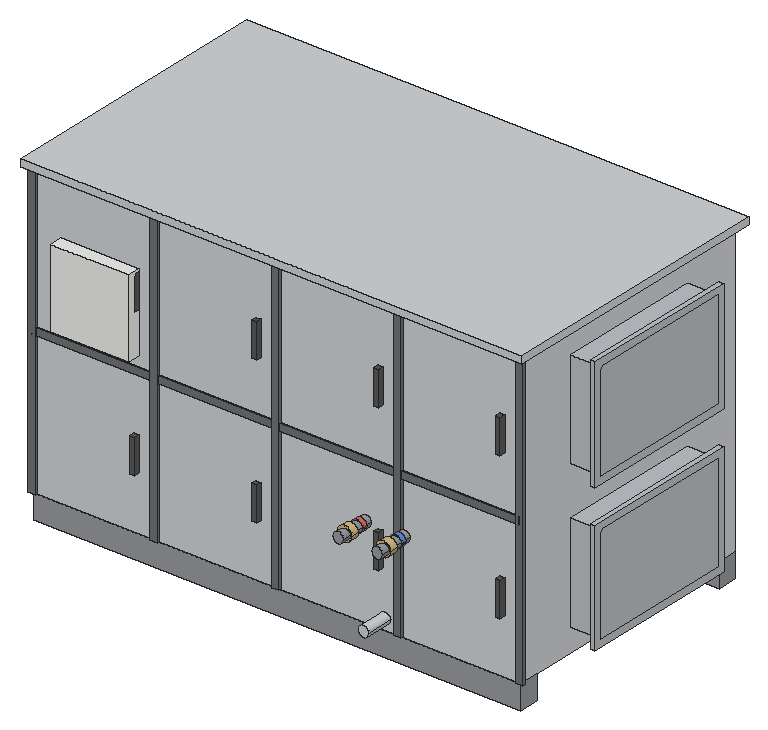
Revit family "CVC_CTA_VIM_CAD-HR-OPTIMAL-C4", category Equipement de génie climatique, Revit 2026
Family settings
  Cote de connecteur circulaire = Utiliser le diamètre
  Type d'élément = Normal
  Basée sur le plan de construction = Non
  Toujours verticalement = Oui
  Couper avec des vides une fois chargée = Non
  Conserver l'orientation des annotations = Non
  Partagée = Non
  Repère de localisation dans la pièce = Non
Parameters (values of type "CTA 4 - aile Sud zone fermée")
  Source = "CCTP lot 12 § 4.10"
  Modèle = "CAD HR OPTIMAL C4"
  Fabricant = "VIM"
  Elévation par défaut = 0 mm
  Description = "CTA double flux superposée, toiture, change-over"
  Caractéristiques CCTP = "1 170 m3/h"
  A vérifier = "Dimensions approximatives (2000x1100x1300 mm) : prendre la fiche VIM"
Types (4, lengths in mm): name | Caractéristiques CCTP
  CTA 1 - aile Nord zone ouverte | "2 520 m3/h"
  CTA 2 - aile Sud zone ouverte | "2 330 m3/h"
  CTA 3 - aile Nord zone fermée | "1 170 m3/h"
  CTA 4 - aile Sud zone fermée | "1 170 m3/h"
Reference planes
  plane 1 "Centre (avant/arrière)": y = 0
  plane 2: z = 0
  plane 3 "Centre (gauche/droite)": x = 0
Forms (mm)
  Extrusion 1, solid, material "EHPAD_acier"
    sketch origin (0, 0, 0) x (1, 0, 0) y (0, 1, 0)
      loop
        line (-1000, -550) -> (1000, -550) -> (1000, -470) -> (-1000, -470) -> (-1000, -550)
    from 0 to 100
  Extrusion 2, solid, material "EHPAD_acier"
    sketch origin (0, 0, 0) x (1, 0, 0) y (0, 1, 0)
      loop
        line (-1000, 470) -> (1000, 470) -> (1000, 550) -> (-1000, 550) -> (-1000, 470)
    from 0 to 100
  Extrusion 3, solid, material "EHPAD_gris"
    sketch origin (0, 0, 100) x (1, 0, 0) y (0, 1, 0)
      loop
        line (-1000, -550) -> (1000, -550) -> (1000, 550) -> (-1000, 550) -> (-1000, -550)
    from 0 to 1200
  Extrusion 4, solid, material "EHPAD_gris"
    sketch origin (0, 0, 1300) x (1, 0, 0) y (0, 1, 0)
      loop
        line (-1030, -580) -> (1030, -580) -> (1030, 580) -> (-1030, 580) -> (-1030, -580)
    from 0 to 30
  Extrusion 5, solid, material "EHPAD_anthracite"
    sketch origin (0, 0, 100) x (1, 0, 0) y (0, 1, 0)
      loop
        line (-1015, -558) -> (-985, -558) -> (-985, -550) -> (-1015, -550) -> (-1015, -558)
    from 0 to 1200
  Extrusion 6, solid, material "EHPAD_anthracite"
    sketch origin (0, 0, 100) x (1, 0, 0) y (0, 1, 0)
      loop
        line (-515, -558) -> (-485, -558) -> (-485, -550) -> (-515, -550) -> (-515, -558)
    from 0 to 1200
  Extrusion 7, solid, material "EHPAD_anthracite"
    sketch origin (0, 0, 100) x (1, 0, 0) y (0, 1, 0)
      loop
        line (-15, -558) -> (15, -558) -> (15, -550) -> (-15, -550) -> (-15, -558)
    from 0 to 1200
  Extrusion 8, solid, material "EHPAD_anthracite"
    sketch origin (0, 0, 100) x (1, 0, 0) y (0, 1, 0)
      loop
        line (485, -558) -> (515, -558) -> (515, -550) -> (485, -550) -> (485, -558)
    from 0 to 1200
  Extrusion 9, solid, material "EHPAD_anthracite"
    sketch origin (0, 0, 100) x (1, 0, 0) y (0, 1, 0)
      loop
        line (985, -558) -> (1015, -558) -> (1015, -550) -> (985, -550) -> (985, -558)
    from 0 to 1200
  Extrusion 10, solid, material "EHPAD_anthracite"
    sketch origin (0, 0, 685) x (1, 0, 0) y (0, 1, 0)
      loop
        line (-1000, -558) -> (1000, -558) -> (1000, -550) -> (-1000, -550) -> (-1000, -558)
    from 0 to 30
  Extrusion 11, solid, material "EHPAD_noir"
    sketch origin (0, 0, 330) x (1, 0, 0) y (0, 1, 0)
      loop
        line (-580, -580) -> (-560, -580) -> (-560, -558) -> (-580, -558) -> (-580, -580)
    from 0 to 140
  Extrusion 12, solid, material "EHPAD_noir"
    sketch origin (0, 0, 930) x (1, 0, 0) y (0, 1, 0)
      loop
        line (-580, -580) -> (-560, -580) -> (-560, -558) -> (-580, -558) -> (-580, -580)
    from 0 to 140
  Extrusion 13, solid, material "EHPAD_noir"
    sketch origin (0, 0, 330) x (1, 0, 0) y (0, 1, 0)
      loop
        line (-80, -580) -> (-60, -580) -> (-60, -558) -> (-80, -558) -> (-80, -580)
    from 0 to 140
  Extrusion 14, solid, material "EHPAD_noir"
    sketch origin (0, 0, 930) x (1, 0, 0) y (0, 1, 0)
      loop
        line (-80, -580) -> (-60, -580) -> (-60, -558) -> (-80, -558) -> (-80, -580)
    from 0 to 140
  Extrusion 15, solid, material "EHPAD_noir"
    sketch origin (0, 0, 330) x (1, 0, 0) y (0, 1, 0)
      loop
        line (420, -580) -> (440, -580) -> (440, -558) -> (420, -558) -> (420, -580)
    from 0 to 140
  Extrusion 16, solid, material "EHPAD_noir"
    sketch origin (0, 0, 930) x (1, 0, 0) y (0, 1, 0)
      loop
        line (420, -580) -> (440, -580) -> (440, -558) -> (420, -558) -> (420, -580)
    from 0 to 140
  Extrusion 17, solid, material "EHPAD_noir"
    sketch origin (0, 0, 330) x (1, 0, 0) y (0, 1, 0)
      loop
        line (920, -580) -> (940, -580) -> (940, -558) -> (920, -558) -> (920, -580)
    from 0 to 140
  Extrusion 18, solid, material "EHPAD_noir"
    sketch origin (0, 0, 930) x (1, 0, 0) y (0, 1, 0)
      loop
        line (920, -580) -> (940, -580) -> (940, -558) -> (920, -558) -> (920, -580)
    from 0 to 140
  Extrusion 19, solid, material "EHPAD_galva"
    sketch origin (-1000, 0, 400) x (0, -1, 0) y (0, 0, 1)
      loop
        line (300, -200) -> (300, 200) -> (-300, 200) -> (-300, -200) -> (300, -200)
    from 0 to 130
  Extrusion 20, solid, material "EHPAD_galva"
    sketch origin (-1110, 0, 400) x (0, -1, 0) y (0, 0, 1)
      loop
        line (330, -230) -> (330, 230) -> (-330, 230) -> (-330, -230) -> (330, -230)
    from 0 to 20
  Extrusion 21, solid, material "EHPAD_galva"
    sketch origin (-1000, 0, 1000) x (0, -1, 0) y (0, 0, 1)
      loop
        line (300, -200) -> (300, 200) -> (-300, 200) -> (-300, -200) -> (300, -200)
    from 0 to 130
  Extrusion 22, solid, material "EHPAD_galva"
    sketch origin (-1110, 0, 1000) x (0, -1, 0) y (0, 0, 1)
      loop
        line (330, -230) -> (330, 230) -> (-330, 230) -> (-330, -230) -> (330, -230)
    from 0 to 20
  Extrusion 23, solid, material "EHPAD_galva"
    sketch origin (1000, 0, 400) x (0, 1, 0) y (0, 0, 1)
      loop
        line (-300, -200) -> (300, -200) -> (300, 200) -> (-300, 200) -> (-300, -200)
    from 0 to 130
  Extrusion 24, solid, material "EHPAD_galva"
    sketch origin (1110, 0, 400) x (0, 1, 0) y (0, 0, 1)
      loop
        line (-330, -230) -> (330, -230) -> (330, 230) -> (-330, 230) -> (-330, -230)
    from 0 to 20
  Extrusion 25, solid, material "EHPAD_galva"
    sketch origin (1000, 0, 1000) x (0, 1, 0) y (0, 0, 1)
      loop
        line (-300, -200) -> (300, -200) -> (300, 200) -> (-300, 200) -> (-300, -200)
    from 0 to 130
  Extrusion 26, solid, material "EHPAD_galva"
    sketch origin (1110, 0, 1000) x (0, 1, 0) y (0, 0, 1)
      loop
        line (-330, -230) -> (330, -230) -> (330, 230) -> (-330, 230) -> (-330, -230)
    from 0 to 20
  Extrusion 27, solid, material "EHPAD_acier"
    sketch origin (370, -558, 480) x (0, 0, -1) y (1, 0, 0)
      loop
        circle (0, 0) r 21.2
    from 0 to 140
  Extrusion 28, solid, material "EHPAD_chaud"
    sketch origin (370, -583.2, 480) x (0, 0, -1) y (1, 0, 0)
      loop
        circle (0, 0) r 24.2
    from 0 to 19.6
  Extrusion 29, solid, material "EHPAD_laiton"
    sketch origin (370, -635, 480) x (0, 0, -1) y (1, 0, 0)
      loop
        circle (0, 0) r 29.56
    from 0 to 30
  Extrusion 30, solid, material "EHPAD_acier"
    sketch origin (530, -558, 480) x (0, 0, -1) y (1, 0, 0)
      loop
        circle (0, 0) r 21.2
    from 0 to 140
  Extrusion 31, solid, material "EHPAD_froid"
    sketch origin (530, -583.2, 480) x (0, 0, -1) y (1, 0, 0)
      loop
        circle (0, 0) r 24.2
    from 0 to 19.6
  Extrusion 32, solid, material "EHPAD_laiton"
    sketch origin (530, -635, 480) x (0, 0, -1) y (1, 0, 0)
      loop
        circle (0, 0) r 29.56
    from 0 to 30
  Extrusion 33, solid, material "EHPAD_gris"
    sketch origin (450, -558, 150) x (0, 0, -1) y (1, 0, 0)
      loop
        circle (0, 0) r 21.2
    from 0 to 110
  Extrusion 34, solid, material "EHPAD_blanc"
    sketch origin (0, 0, 760) x (1, 0, 0) y (0, 1, 0)
      loop
        line (-880, -610) -> (-560, -610) -> (-560, -558) -> (-880, -558) -> (-880, -610)
    from 0 to 320
Dimensions and locks
  aligned and locked: level to plane 2
Connectors
  hvac at (-1130, 0, 400)
    settings: on Extrusion 19, index 1, duct flow 0.0 L/s, flow factor 0, pres drop 0.0 Pa, loss coef 0, conn angle 0.00°, conn width 600 mm, conn height 400 mm, conn diameter 609.6 mm, duct sys type 4, conn prof type 1, flow config 0, flow direction 0, loss method 0, conn ref index -1, conn util no, is conn primary yes, conn desc "Air neuf"
  hvac at (-1130, 0, 1000)
    settings: on Extrusion 21, index 2, duct flow 0.0 L/s, flow factor 0, pres drop 0.0 Pa, loss coef 0, conn angle 0.00°, conn width 600 mm, conn height 400 mm, conn diameter 609.6 mm, duct sys type 3, conn prof type 1, flow config 0, flow direction 0, loss method 0, conn ref index -1, conn util no, is conn primary no, conn desc "Rejet"
  hvac at (1130, 0, 400)
    settings: on Extrusion 23, index 3, duct flow 0.0 L/s, flow factor 0, pres drop 0.0 Pa, loss coef 0, conn angle 0.00°, conn width 600 mm, conn height 400 mm, conn diameter 609.6 mm, duct sys type 1, conn prof type 1, flow config 0, flow direction 0, loss method 0, conn ref index -1, conn util no, is conn primary no, conn desc "Soufflage"
  hvac at (1130, 0, 1000)
    settings: on Extrusion 25, index 4, duct flow 0.0 L/s, flow factor 0, pres drop 0.0 Pa, loss coef 0, conn angle 0.00°, conn width 600 mm, conn height 400 mm, conn diameter 609.6 mm, duct sys type 2, conn prof type 1, flow config 0, flow direction 0, loss method 0, conn ref index -1, conn util no, is conn primary no, conn desc "Reprise"
  piping at (370, -698, 480), diameter 32
    settings: on Extrusion 27, index 5, connector inside diameter 609.6 mm, connector length 0 mm, flow factor 0, pipe flow 0.0 L/s, pressure drop 0.0 Pa, fitting loss kfactor 0, connector angle 0.00°, fixture units 0, engagement length 0 mm, angle of deflection 0.00°, flow configuration 0, flow direction 0, fitting loss method 0, system type 7, joint type 0, gender type 0, connector reference index -1, connector utility 0, adjustable connector no, is connector primary yes, connector description "Batterie change-over départ"
  piping at (530, -698, 480), diameter 32
    settings: on Extrusion 30, index 6, connector inside diameter 609.6 mm, connector length 0 mm, flow factor 0, pipe flow 0.0 L/s, pressure drop 0.0 Pa, fitting loss kfactor 0, connector angle 0.00°, fixture units 0, engagement length 0 mm, angle of deflection 0.00°, flow configuration 0, flow direction 0, fitting loss method 0, system type 8, joint type 0, gender type 0, connector reference index -1, connector utility 0, adjustable connector no, is connector primary no, connector description "Batterie change-over retour"
  piping at (450, -668, 150), diameter 32
    settings: on Extrusion 33, index 7, connector inside diameter 609.6 mm, connector length 0 mm, flow factor 0, pipe flow 0.0 L/s, pressure drop 0.0 Pa, fitting loss kfactor 0, connector angle 0.00°, fixture units 0, engagement length 0 mm, angle of deflection 0.00°, flow configuration 0, flow direction 0, fitting loss method 0, system type 16, joint type 0, gender type 0, connector reference index -1, connector utility 0, adjustable connector no, is connector primary no, connector description "Condensats"
